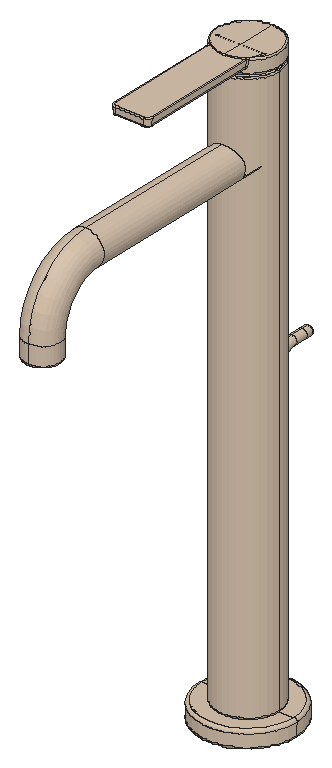
Revit family "Faucet-Lavatory-KALLISTA-One-P26612", category Plumbing Fixtures, host Face, Revit 2021
Family settings
  Host = Face
  Round Connector Dimension = Use Diameter
  Part Type = Normal
  OmniClass Number = 23.31.11.00
  OmniClass Title = Faucets
  Cut with Voids When Loaded = No
  Shared = No
  Room Calculation Point = No
Parameters (values of type "BAF-Brushed French Gold")
  Width = 2.23622"  # constant formula
  WaterSense Certified = 1 = 0  # no
  Waste Water Outlet = "Waste Water Outlet"  # constant formula
  Waste Connection = 1 = 0  # no
  Vent Connection = 1 = 0  # no
  URL = "https://www.kallista.com/"
  Type = 1
  Spout Reach = 5 7/8"  # constant formula
  Product Page URL = ""
  Product Name = "One"  # constant formula
  Product Documentation Link = ""
  Pressure = 0.00 psi
  Model = if(Type = 1, "P26612-00-BAF", if(Type = 2, "P26612-00-BL", if(Type = 3, "P26612-00-BN", if(Type = 4, "P26612-00-CP", if(Type = 5, "P26612-00-SN", if(Type = 6, "P26612-00-ULB", "NA"))))))  # "P26612-00-BAF"
  Material = "Premium Metal Construction"  # constant formula
  Master Format 2014 Name = "Residential Faucets, Supplies, and Trim"  # constant formula
  Master Format 2014 = "22 41 39"  # constant formula
  Manufacturer Address = "444 Highland Dr, Kohler, WI 53044"  # constant formula
  Manufacturer = "Kallista Co."  # constant formula
  Length = Spout Reach  # 5 7/8"
  Hot Water Inlet = "Hot Water Inlet"  # constant formula
  Height = 13.88976"  # constant formula
  Handle Clearance = 3.38583"  # constant formula
  HW Connection = 1 = 1  # yes
  Flow Rate = 1.2 GPM  # constant formula
  Finish = Kallista-Metal-BAF-Brushed_French_Gold
  Environmental Product Declaration = ""
  Drain Included = 1 = 1  # yes
  Description = "Extra Tall Top Mount Single Control Faucet"  # constant formula
  Default Elevation = 36"
  Declare Label = ""
  Date Modified = "08/06/2023"  # constant formula
  Date Created = "07/01/2022"  # constant formula
  Copyright = "Copyright Kallista Co."  # constant formula
  Contact Us = "https://www.kallista.com/corporate/contact-us/"
  Cold Water Inlet = "Cold Water Inlet"  # constant formula
  CW Connection = 1 = 1  # yes
  Assembly Code = "D2010"
  ADA Compliant = 1 = 0  # no
Types (7): name | Type | Model | Finish
  (no name) | 1 | "P26612-00-BAF" | Kallista-Metal-BAF-Brushed_French_Gold
  BAF-Brushed French Gold | 1 | "P26612-00-BAF" | Kallista-Metal-BAF-Brushed_French_Gold
  BN-Brushed Nickel | 3 | "P26612-00-BN" | Kallista-Metal-BN-Brushed_Nickel
  BL-Matte Black | 2 | "P26612-00-BL" | Kalista-Metal-BL-Matte_Black
  CP-Chrome | 4 | "P26612-00-CP" | Kallista-Metal-CP-Chrome
  SN-Polished Nickel | 5 | "P26612-00-SN" | Kallista-Metal-SN-Polished_Nickel
  ULB-Unlaquered Brass | 6 | "P26612-00-ULB" | Kallista-Metal-ULB-Unlaquered_Brass
Reference planes (in)
  plane 1 "Center (Front/Back)": y = 0
  plane 2: z = 0
  plane 3 "Center (Left/Right)": x = 0
  plane 4: x = 1.1181102
  plane 5: y = -1.1181102
  plane 6: x = -1.1181102
  plane 7: y = -5.8740157
  plane 8: y = -6.273622
  plane 9: y = -5.4744094
  plane 10: x = 0.7145669
  plane 11: x = -0.7145669
  plane 12: y = 1.7204724
  plane 13: y = 1.1181102
  plane 14: x = -0.3996063
  plane 15: x = 0.3996063
  plane 16: y = -3.3858268
  plane 17: y = -0.7145669
  plane 18: x = -0.1110036
  plane 19: x = 0.1110036
  plane 20: y = 0.7145669
  plane 21: z = 12.0551181
  plane 22: z = 9.9055118
  plane 23: z = 0.3740157
  plane 24: z = 13.7086614
  plane 25: z = 13.8897638
  plane 26: z = 7.2834646
  plane 27: x = -0.5905512
  plane 28: x = 0.5905512
  plane 29: y = 0
  plane 30: y = 0
Dimensions and locks (in)
  "Height": plane 25 to level
  "Width": plane 6 to plane 4
  "Handle Clearance": plane 1 "Center (Front/Back)" to plane 16
  "Length": nested 1 to plane 7
  level to plane 26 = 7.28346"
  plane 12 to nested 1 = 1.71949"
  plane 13 to plane 5 = 2.23622"
  plane 1 "Center (Front/Back)" to plane 8 = 6.27362"
  level to plane 22 = 9.90551"
  plane 9 to plane 8 = 0.79921"
  plane 21 to level = 12.05512"
  plane 20 to plane 17 = 1.42913"
  level to plane 23 = 0.37402"
  aligned and locked: plane 2 to host face
  aligned and locked: level to host face
  aligned and locked: plane 3 "Center (Left/Right)" to nested 1
  aligned and locked: plane 1 "Center (Front/Back)" to nested 1
  aligned and locked: plane 22 to nested 1
Automatic sketch dimensions
  host sketch curve to host sketch curve = 96"  (x2)
Nested families (in)
  nested 1: "P26612" at (0, 0.0009843, 0), type "P26612"
Connectors (in)
  piping at (-0.5905512, 0.0009843, 0), diameter 0.5625, driven by "Flow Rate", driven by "HW Connection", driven by "Hot Water Inlet"
    settings: on nested 1, index 1, connector inside diameter 24", connector length 0", flow factor 0, pipe flow 1.2 GPM, pressure drop 0.00 psi, fitting loss kfactor 0, connector angle 0.00°, fixture units 0, engagement length 0", angle of deflection 0.00°, flow configuration 1, flow direction 1, fitting loss method 0, system type 19, joint type 0, gender type 0, connector reference index -1, connector utility 1, adjustable connector no, is connector primary yes, connector description "Hot Water Inlet"
  piping at (0.5905512, 0.0009843, 0), diameter 0.5625, driven by "Flow Rate", driven by "CW Connection", driven by "Cold Water Inlet"
    settings: on nested 1, index 2, connector inside diameter 24", connector length 0", flow factor 0, pipe flow 1.2 GPM, pressure drop 0.00 psi, fitting loss kfactor 0, connector angle 0.00°, fixture units 0, engagement length 0", angle of deflection 0.00°, flow configuration 1, flow direction 1, fitting loss method 0, system type 20, joint type 0, gender type 0, connector reference index -1, connector utility 1, adjustable connector no, is connector primary no, connector description "Cold Water Inlet"
Definition of nested family "P26612"
  Parameters
    Material = none
    Default Elevation = 0"
  Reference planes (in)
    plane 1 "Center (Front/Back)": y = 0
    plane 2: z = 0
    plane 3 "Center (Left/Right)": x = 0
    plane 4: z = 13.8897638
    plane 5: y = 1.7204724
    plane 6: z = 7.2834646
    plane 7: y = -0.7145669
    plane 8: y = 0.7145669
    plane 9: y = -3.3858268
    plane 10: y = 1.1181102
    plane 11: y = -1.1181102
    plane 12: z = 13.7086614
    plane 13: z = 0.3740157
    plane 14: y = -5.8740157
    plane 15: y = -5.4744094
    plane 16: y = -6.273622
    plane 17: z = 12.0551181
    plane 18: z = 11.6555118
    plane 19: z = 11.2559055
    plane 20: z = 9.9055118
    plane 21: x = 0.7145669
    plane 22: x = -0.7145669
    plane 23: x = 0.3996063
    plane 24: x = -0.3996063
    plane 25: x = -1.1181102
    plane 26: x = 1.1181102
    plane 27: x = -0.1110036
    plane 28: x = 0.1110036
    plane 29: x = -0.5905512
    plane 30: x = 0.5905512
  Forms (in)
    Sweep 1, solid, material <- "Material", detail levels medium+fine
      path origin (0, 0, 7.8074264) x (1, 0, 0) y (0, 1, 0)
        loop
          line (0.4376136, -3.2677165) -> (0.4376136, -0.6109452)
          arc (0.4376136, -0.6109452) -> (0.441065, -0.5714946) -> (0.4513146, -0.5332428) r 0.2271866
          line (0.4513146, -0.5332428) -> (0.5722672, -0.2009283) -> (-0.5722672, -0.2009283) -> (-0.4613566, -0.5056525)
          arc (-0.4613566, -0.5056525) -> (-0.4435948, -0.5719407) -> (-0.4376136, -0.6403061) r 0.3937008
          line (-0.4376136, -0.6403061) -> (-0.4376136, -3.2677165)
          arc (-0.4376136, -3.2677165) -> (-0.4030199, -3.3512331) -> (-0.3195033, -3.3858268) r 0.1181102
          line (-0.3195033, -3.3858268) -> (0.3195033, -3.3858268)
          arc (0.3195033, -3.3858268) -> (0.4030199, -3.3512331) -> (0.4376136, -3.2677165) r 0.1181102
      profile origin (0, -3.3858268, 7.8074264) x (0, 1, 0) y (0, 0, 1)
        loop
          arc (0.0130449, 5.9134671) -> (0.0199871, 5.8993897) -> (0.034616, 5.8937008) r 0.0216535
          line (0.034616, 5.8937008) -> (0.0662534, 5.8937008) -> (0.0662534, 6.0828617) -> (0.0197072, 6.0828617)
          arc (0.0197072, 6.0828617) -> (0.0051939, 6.0764757) -> (0.0000971, 6.061461) r 0.019685
          line (0.0000971, 6.061461) -> (0.0130449, 5.9134671)
    Extrusion 2, solid, material <- "Material", detail levels medium+fine
      sketch origin (0, 0, 7.8074264) x (1, 0, 0) y (0, 1, 0)
        loop
          line (0.4776475, -0.2671817) -> (-0.4776475, -0.2671817) -> (-0.3990988, -0.4829925)
          arc (-0.3990988, -0.4829925) -> (-0.3783479, -0.5604359) -> (-0.3713602, -0.6403061) r 0.4599542
          line (-0.3713602, -0.6403061) -> (-0.3713602, -3.3195734) -> (0.3713602, -3.3195734) -> (0.3713602, -0.6109452)
          arc (0.3713602, -0.6109452) -> (0.3758182, -0.5599898) -> (0.3890568, -0.5105828) r 0.29344
          line (0.3890568, -0.5105828) -> (0.4776475, -0.2671817)
      from 5.8937008 to 6.0826772
    Revolve 3, solid, material <- "Material", detail levels medium+fine
      sketch origin (0, 0, 0) x (1, 0, 0) y (0, 0, 1)
        loop
          line (0, 13.5728679) -> (-0.5072793, 13.5728679) -> (-0.6173719, 13.5118425)
          arc (-0.6173719, 13.5118425) -> (-0.6375868, 13.5037776) -> (-0.6591771, 13.5010309) r 0.0862302
          line (-0.6591771, 13.5010309) -> (-0.6948679, 13.5010309)
          arc (-0.6948679, 13.5010309) -> (-0.7087972, 13.4952612) -> (-0.7145669, 13.4813319) r 0.019699
          line (-0.7145669, 13.4813319) -> (-0.7145669, 0.3944382)
          arc (-0.7145669, 0.3944382) -> (-0.7085853, 0.3799973) -> (-0.6941445, 0.3740157) r 0.0204224
          line (-0.6941445, 0.3740157) -> (-1.0477904, 0.3740157)
          arc (-1.0477904, 0.3740157) -> (-1.1002979, 0.3522664) -> (-1.1220472, 0.2997589) r 0.0742568
          line (-1.1220472, 0.2997589) -> (-1.1220472, 0.019685)
          arc (-1.1220472, 0.019685) -> (-1.1162816, 0.0057656) -> (-1.1023622, 0) r 0.019685
          line (-1.1023622, 0) -> (0, 0) -> (0, 13.5728679)
        axis (0, 0) -> (0, 13.5728679)
      angle from 0 to 360
    Sweep 4, solid, material <- "Material", detail levels medium+fine
      path origin (0, 0, 7.8740157) x (0, 1, 0) y (0, 0, 1)
        loop
          line (0, 3.7814961) -> (-4.6262019, 3.7814961)
          arc (-4.6262019, 3.7814961) -> (-5.5085395, 3.4160199) -> (-5.8740157, 2.5336822) r 1.2478138
          line (-5.8740157, 2.5336822) -> (-5.8740157, 2.0314961)
      profile origin (0, -5.8740157, 10.407698) x (1, 0, 0) y (0, 1, 0)
        loop
          circle (0, 0) r 0.3996063
    Revolve 5, void
      sketch origin (0, -0.8740157, 7.8740157) x (0, 1, 0) y (0, 0, 1)
        loop
          line (-4.6326328, 2.0247619) -> (-4.6326328, 2.6170035) -> (-5, 2.6170035) -> (-5, 2.0247619) -> (-4.6326328, 2.0247619)
        axis (-5, 2.6170035) -> (-5, 2.0247619)
      angle from 0 to 360
    Sweep 6, void
      path origin (0, -0.8740157, 0) x (1, 0, 0) y (0, 1, 0)
        loop
          circle (0, -5) r 0.3996063
      profile origin (0, -5.4744094, 0) x (0, -1, 0) y (0, 0, 1)
        loop
          line (0, 9.992126) -> (0, 10.1259333) -> (-0.1155022, 10.1259333) -> (-0.1155022, 9.9101147) -> (0.1269191, 9.9101147) -> (0.1269191, 9.9724409) -> (0.019685, 9.9724409)
          arc (0.019685, 9.9724409) -> (0.0057656, 9.9782066) -> (0, 9.992126) r 0.019685
    Sweep 7, solid, material <- "Material"
      path origin (0, 0, 4.5219272) x (0, 1, 0) y (0, 0, 1)
        loop
          line (1.5443209, 2.6659973) -> (1.2467328, 2.6659973)
          arc (1.2467328, 2.6659973) -> (1.0209153, 2.5947973) -> (0.876775, 2.4069501) r 0.3937008
          line (0.876775, 2.4069501) -> (0.6007343, 1.6485343)
      profile origin (0, 1.5443209, 7.1879244) x (0, 0, -1) y (1, 0, 0)
        loop
          circle (0, 0) r 0.107137
    Sweep 8, void
      path origin (0, 0, 4.5214075) x (0, 1, 0) y (0, 0, 1)
        loop
          line (0.876775, 2.4069501) -> (0.5230165, 1.4350065)
      profile origin (0, 0.876775, 6.9283576) x (0, 0.939693, -0.34202) y (1, 0, 0)
        loop
          circle (0, 0) r 0.1181102
    Revolve 9, solid, material <- "Material"
      sketch origin (0, 0, 4.5219272) x (0, 1, 0) y (0, 0, 1)
        loop
          line (1.5443209, 2.6659973) -> (1.5443209, 2.5588603) -> (1.6996751, 2.5588603)
          arc (1.6996751, 2.5588603) -> (1.715325, 2.5653427) -> (1.7218074, 2.5809926) r 0.0221324
          line (1.7218074, 2.5809926) -> (1.7218074, 2.6659973) -> (1.5443209, 2.6659973)
        axis (1.7218074, 2.6659973) -> (1.5443209, 2.6659973)
      angle from 0 to 360
    Revolve 10, solid, detail levels medium+fine
      sketch origin (3.3587598, -5.8740157, -2.8443594) x (1, 0, 0) y (0, 0, 1)
        loop
          line (-3.3610043, 12.9577553) -> (-3.7239554, 12.9577553) -> (-3.7239554, 12.8483274) -> (-3.6796732, 12.8483274) -> (-3.6796732, 12.9249326) -> (-3.6421458, 12.9249326) -> (-3.6421458, 12.8793394)
          arc (-3.6421458, 12.8793394) -> (-3.636348, 12.8653421) -> (-3.6223506, 12.8595442) r 0.0197952
          line (-3.6223506, 12.8595442) -> (-3.3610043, 12.8595442) -> (-3.3610043, 12.9577553)
        axis (-3.3610043, 12.9577553) -> (-3.3610043, 12.8483274)
      angle from 0 to 360
    Extrusion 11, solid, detail levels medium+fine
      sketch origin (3.3587598, -5.8740157, -2.8443594) x (1, 0, 0) y (0, 1, 0)
        loop
          arc (-3.3543247, -0.3185989) -> (-3.4113438, -0.3146678) -> (-3.4667435, -0.3006146) r 0.318669
          line (-3.4667435, -0.3006146) -> (-3.4826532, -0.3458455)
          arc (-3.4826532, -0.3458455) -> (-3.4194482, -0.3623198) -> (-3.3543247, -0.3673405) r 0.3673672
          line (-3.3543247, -0.3673405) -> (-3.3543247, -0.3185989)
      from 12.8284941 to 12.9577553
    Extrusion 12, solid, detail levels medium+fine
      sketch origin (2.3701475, -3.4898426, -2.8443594) x (0.707107, 0.707107, 0) y (-0.707107, 0.707107, 0)
        loop
          arc (-3.3543247, -0.3268703) -> (-3.412805, -0.3231463) -> (-3.4696147, -0.3087773) r 0.318669
          line (-3.4696147, -0.3087773) -> (-3.4860928, -0.3556242)
          arc (-3.4860928, -0.3556242) -> (-3.4211976, -0.3724532) -> (-3.3543247, -0.3772085) r 0.3673672
          line (-3.3543247, -0.3772085) -> (-3.3543247, -0.3268703)
      from 12.8284941 to 12.9577553
    Extrusion 13, solid, detail levels medium+fine
      sketch origin (-0.007874, -2.5104577, -2.8443594) x (0, 1, 0) y (-1, 0, 0)
        loop
          arc (-3.3543247, -0.3241647) -> (-3.4123685, -0.3205382) -> (-3.4687867, -0.3064233) r 0.318669
          line (-3.4687867, -0.3064233) -> (-3.4856482, -0.3543602)
          arc (-3.4856482, -0.3543602) -> (-3.4209337, -0.3707331) -> (-3.3543247, -0.3751252) r 0.3673672
          line (-3.3543247, -0.3751252) -> (-3.3543247, -0.3241647)
      from 12.8284941 to 12.9577553
    Extrusion 14, solid, detail levels medium+fine
      sketch origin (-2.3858956, -3.5021458, -2.8443594) x (-0.707107, 0.707107, 0) y (-0.707107, -0.707107, 0)
        loop
          arc (-3.3543247, -0.3268904) -> (-3.4127754, -0.3230343) -> (-3.4695328, -0.3085444) r 0.318669
          line (-3.4695328, -0.3085444) -> (-3.4863639, -0.3563948)
          arc (-3.4863639, -0.3563948) -> (-3.4212962, -0.3728283) -> (-3.3543247, -0.3771508) r 0.3673672
          line (-3.3543247, -0.3771508) -> (-3.3543247, -0.3268904)
      from 12.8284941 to 12.9577553
    Extrusion 15, solid, detail levels medium+fine
      sketch origin (-3.3622047, -5.8863189, -2.8443594) x (-1, 0, 0) y (0, -1, 0)
        loop
          arc (-3.3543247, -0.3309223) -> (-3.4133149, -0.3264738) -> (-3.4704663, -0.3111983) r 0.318669
          line (-3.4704663, -0.3111983) -> (-3.4868817, -0.357867)
          arc (-3.4868817, -0.357867) -> (-3.4216043, -0.3748364) -> (-3.3543247, -0.3795859) r 0.3673672
          line (-3.3543247, -0.3795859) -> (-3.3543247, -0.3309223)
      from 12.8284941 to 12.9577553
    Extrusion 16, solid, detail levels medium+fine
      sketch origin (-2.3735924, -8.2581889, -2.8443594) x (-0.707107, -0.707107, 0) y (0.707107, -0.707107, 0)
        loop
          line (-3.3543247, -0.3736567) -> (-3.3543247, -0.3276286)
          arc (-3.3543247, -0.3276286) -> (-3.4128964, -0.3237532) -> (-3.4697635, -0.3092004) r 0.318669
          line (-3.4697635, -0.3092004) -> (-3.4850091, -0.3525433)
          arc (-3.4850091, -0.3525433) -> (-3.4206092, -0.3689325) -> (-3.3543247, -0.3736567) r 0.3737164
      from 12.8284941 to 12.9577553
    Extrusion 17, solid, detail levels medium+fine
      sketch origin (-0.0017224, -9.234498, -2.8443594) x (0, -1, 0) y (1, 0, 0)
        loop
          arc (-3.3543247, -0.3185989) -> (-3.4113438, -0.3146678) -> (-3.4667435, -0.3006146) r 0.318669
          line (-3.4667435, -0.3006146) -> (-3.4815427, -0.3426885)
          arc (-3.4815427, -0.3426885) -> (-3.4188614, -0.3587474) -> (-3.3543247, -0.3634209) r 0.3629511
          line (-3.3543247, -0.3634209) -> (-3.3543247, -0.3185989)
      from 12.8284941 to 12.9577553
    Extrusion 18, solid, detail levels medium+fine
      sketch origin (2.3762991, -8.2520373, -2.8443594) x (0.707107, -0.707107, 0) y (0.707107, 0.707107, 0)
        loop
          arc (-3.3543247, -0.3185989) -> (-3.4113438, -0.3146678) -> (-3.4667435, -0.3006146) r 0.318669
          line (-3.4667435, -0.3006146) -> (-3.4818142, -0.3434602)
          arc (-3.4818142, -0.3434602) -> (-3.4189538, -0.3590434) -> (-3.3543247, -0.3632068) r 0.3629511
          line (-3.3543247, -0.3632068) -> (-3.3543247, -0.3185989)
      from 12.8284941 to 12.9577553
    Extrusion 19, void
      sketch origin (3.3587598, -5.8740157, -2.8443594) x (1, 0, 0) y (0, 1, 0)
        loop
          line (-3.3901452, -0.0206775) -> (-3.3543307, -0.0413551) -> (-3.3185162, -0.0206775) -> (-3.3185162, 0.0206775) -> (-3.3543307, 0.0413551) -> (-3.3901452, 0.0206775) -> (-3.3901452, -0.0206775)
      from 12.4995033 to 12.9438443
    Extrusion 20, void
      sketch origin (3.3587598, -5.9699204, -2.8443594) x (1, 0, 0) y (0, 1, 0)
        loop
          line (-3.3901452, -0.0206775) -> (-3.3543307, -0.0413551) -> (-3.3185162, -0.0206775) -> (-3.3185162, 0.0206775) -> (-3.3543307, 0.0413551) -> (-3.3901452, 0.0206775) -> (-3.3901452, -0.0206775)
      from 12.4995033 to 12.9438443
    Extrusion 21, void
      sketch origin (3.3587598, -6.0738735, -2.8443594) x (1, 0, 0) y (0, 1, 0)
        loop
          line (-3.3901452, -0.0206775) -> (-3.3543307, -0.0413551) -> (-3.3185162, -0.0206775) -> (-3.3185162, 0.0206775) -> (-3.3543307, 0.0413551) -> (-3.3901452, 0.0206775) -> (-3.3901452, -0.0206775)
      from 12.4995033 to 12.9438443
    Extrusion 22, void
      sketch origin (3.3587598, -5.7781111, -2.8443594) x (1, 0, 0) y (0, 1, 0)
        loop
          line (-3.3901452, 0.0206775) -> (-3.3901452, -0.0206775) -> (-3.3543307, -0.0413551) -> (-3.3185162, -0.0206775) -> (-3.3185162, 0.0206775) -> (-3.3543307, 0.0413551) -> (-3.3901452, 0.0206775)
      from 12.4995033 to 12.9438443
    Extrusion 23, void
      sketch origin (3.3587598, -5.674158, -2.8443594) x (1, 0, 0) y (0, 1, 0)
        loop
          line (-3.3901452, 0.0206775) -> (-3.3901452, -0.0206775) -> (-3.3543307, -0.0413551) -> (-3.3185162, -0.0206775) -> (-3.3185162, 0.0206775) -> (-3.3543307, 0.0413551) -> (-3.3901452, 0.0206775)
      from 12.4995033 to 12.9438443
    Extrusion 24, void
      sketch origin (3.4620273, -5.8740157, -2.8443594) x (1, 0, 0) y (0, 1, 0)
        loop
          line (-3.3901452, -0.0206775) -> (-3.3543307, -0.0413551) -> (-3.3185162, -0.0206775) -> (-3.3185162, 0.0206775) -> (-3.3543307, 0.0413551) -> (-3.3901452, 0.0206775) -> (-3.3901452, -0.0206775)
      from 12.4995033 to 12.9438443
    Extrusion 25, void
      sketch origin (3.4620273, -5.9699204, -2.8443594) x (1, 0, 0) y (0, 1, 0)
        loop
          line (-3.3901452, -0.0206775) -> (-3.3543307, -0.0413551) -> (-3.3185162, -0.0206775) -> (-3.3185162, 0.0206775) -> (-3.3543307, 0.0413551) -> (-3.3901452, 0.0206775) -> (-3.3901452, -0.0206775)
      from 12.4995033 to 12.9438443
    Extrusion 26, void
      sketch origin (3.4620273, -5.7781111, -2.8443594) x (1, 0, 0) y (0, 1, 0)
        loop
          line (-3.3901452, 0.0206775) -> (-3.3901452, -0.0206775) -> (-3.3543307, -0.0413551) -> (-3.3185162, -0.0206775) -> (-3.3185162, 0.0206775) -> (-3.3543307, 0.0413551) -> (-3.3901452, 0.0206775)
      from 12.4995033 to 12.9438443
    Extrusion 27, void
      sketch origin (3.5590687, -5.8740157, -2.8443594) x (1, 0, 0) y (0, 1, 0)
        loop
          line (-3.3901452, -0.0206775) -> (-3.3543307, -0.0413551) -> (-3.3185162, -0.0206775) -> (-3.3185162, 0.0206775) -> (-3.3543307, 0.0413551) -> (-3.3901452, 0.0206775) -> (-3.3901452, -0.0206775)
      from 12.4995033 to 12.9438443
    Extrusion 28, void
      sketch origin (-3.4593206, -5.8770915, -2.8443594) x (-1, 0, 0) y (0, -1, 0)
        loop
          line (-3.3901452, 0.0206775) -> (-3.3901452, -0.0206775) -> (-3.3543307, -0.0413551) -> (-3.3185162, -0.0206775) -> (-3.3185162, 0.0206775) -> (-3.3543307, 0.0413551) -> (-3.3901452, 0.0206775)
      from 12.4995033 to 12.9438443
    Extrusion 29, void
      sketch origin (-3.4593206, -5.9668446, -2.8443594) x (-1, 0, 0) y (0, -1, 0)
        loop
          line (-3.3901452, 0.0206775) -> (-3.3901452, -0.0206775) -> (-3.3543307, -0.0413551) -> (-3.3185162, -0.0206775) -> (-3.3185162, 0.0206775) -> (-3.3543307, 0.0413551) -> (-3.3901452, 0.0206775)
      from 12.4995033 to 12.9438443
    Extrusion 30, void
      sketch origin (-3.4470174, -5.7904142, -2.8443594) x (-1, 0, 0) y (0, -1, 0)
        loop
          line (-3.3901452, -0.0206775) -> (-3.3543307, -0.0413551) -> (-3.3185162, -0.0206775) -> (-3.3185162, 0.0206775) -> (-3.3543307, 0.0413551) -> (-3.3901452, 0.0206775) -> (-3.3901452, -0.0206775)
      from 12.4995033 to 12.9438443
    Extrusion 31, void
      sketch origin (-3.5502104, -5.8740157, -2.8443594) x (-1, 0, 0) y (0, -1, 0)
        loop
          line (-3.3901452, 0.0206775) -> (-3.3901452, -0.0206775) -> (-3.3543307, -0.0413551) -> (-3.3185162, -0.0206775) -> (-3.3185162, 0.0206775) -> (-3.3543307, 0.0413551) -> (-3.3901452, 0.0206775)
      from 12.4995033 to 12.9438443
    Extrusion 32, void
      sketch origin (-3.4593206, -6.0526305, -2.8443594) x (-1, 0, 0) y (0, -1, 0)
        loop
          line (-3.3852505, 0.0154432) -> (-3.3852505, -0.0155163) -> (-3.3528805, -0.0342051) -> (-3.3229997, -0.0169535) -> (-3.3229997, 0.018779) -> (-3.3512363, 0.0350814) -> (-3.3852505, 0.0154432)
      from 12.4995033 to 12.9438443
    Extrusion 33, void
      sketch origin (-3.4593206, -5.7015525, -2.8443594) x (-1, 0, 0) y (0, -1, 0)
        loop
          line (-3.3901452, -0.0206775) -> (-3.3543307, -0.0413551) -> (-3.3185162, -0.0206775) -> (-3.3185162, 0.0206775) -> (-3.3543307, 0.0413551) -> (-3.3901452, 0.0206775) -> (-3.3901452, -0.0206775)
      from 12.4995033 to 12.9438443
    Extrusion 34, void
      sketch origin (3.4620273, -6.0526305, -2.8443594) x (1, 0, 0) y (0, 1, 0)
        loop
          line (-3.3852505, -0.0154432) -> (-3.3512363, -0.0350814) -> (-3.3229997, -0.018779) -> (-3.3229997, 0.0169535) -> (-3.3528805, 0.0342051) -> (-3.3852505, 0.0155163) -> (-3.3852505, -0.0154432)
      from 12.4995033 to 12.9438443
    Extrusion 35, void
      sketch origin (3.4620273, -5.6892494, -2.8443594) x (1, 0, 0) y (0, 1, 0)
        loop
          line (-3.3852505, 0.0154432) -> (-3.3852505, -0.0155163) -> (-3.3528805, -0.0342051) -> (-3.3229997, -0.0169535) -> (-3.3229997, 0.018779) -> (-3.3512363, 0.0350814) -> (-3.3852505, 0.0154432)
      from 12.4995033 to 12.9438443
    Extrusion 36, void
      sketch origin (-3.5309497, -5.7904142, -2.8443594) x (-1, 0, 0) y (0, -1, 0)
        loop
          line (-3.3819131, -0.0254303) -> (-3.3543307, -0.0413551) -> (-3.3185162, -0.0206775) -> (-3.3185162, 0.0206775) -> (-3.3543307, 0.0413551) -> (-3.3819131, 0.0254303) -> (-3.3819131, -0.0254303)
      from 12.4995033 to 12.9438443
    Extrusion 37, void
      sketch origin (-3.1750051, -5.7904142, -2.8443594) x (-1, 0, 0) y (0, -1, 0)
        loop
          line (-3.3894634, -0.0210712) -> (-3.3543307, -0.0413551) -> (-3.3265927, -0.0253405) -> (-3.3265927, 0.0253405) -> (-3.3543307, 0.0413551) -> (-3.3894634, 0.0210712) -> (-3.3894634, -0.0210712)
      from 12.4995033 to 12.9438443
    Extrusion 38, void
      sketch origin (-3.5309497, -5.9576173, -2.8443594) x (-1, 0, 0) y (0, -1, 0)
        loop
          line (-3.3819131, 0.0254303) -> (-3.3819131, -0.0254303) -> (-3.3543307, -0.0413551) -> (-3.3185162, -0.0206775) -> (-3.3185162, 0.0206775) -> (-3.3543307, 0.0413551) -> (-3.3819131, 0.0254303)
      from 12.4995033 to 12.9438443
    Extrusion 39, void
      sketch origin (-3.1750051, -5.9576173, -2.8443594) x (-1, 0, 0) y (0, -1, 0)
        loop
          line (-3.3894634, 0.0210712) -> (-3.3894634, -0.0210712) -> (-3.3543307, -0.0413551) -> (-3.3265927, -0.0253405) -> (-3.3265927, 0.0253405) -> (-3.3543307, 0.0413551) -> (-3.3894634, 0.0210712)
      from 12.4995033 to 12.9438443
    Revolve 40, solid, detail levels coarse
      sketch origin (3.3587598, -5.8740157, -2.8197531) x (1, 0, 0) y (0, 0, 1)
        loop
          line (-3.3610043, 12.9332823) -> (-3.7239554, 12.9332823) -> (-3.7239554, 12.8483274) -> (-3.6796732, 12.8483274) -> (-3.6796732, 12.9249326) -> (-3.6421458, 12.9249326) -> (-3.6421458, 12.8477976) -> (-3.3610043, 12.8477976) -> (-3.3610043, 12.9332823)
        axis (-3.3610043, 12.9332823) -> (-3.3610043, 12.8477976)
      angle from 0 to 360
    Extrusion 41, solid, material <- "Material", detail levels medium+fine
      sketch origin (0, 0, 0) x (1, 0, 0) y (0, 1, 0)
        loop
          circle (-0.5905512, 0) r 0.0787402
        loop
          circle (0.5905512, 0) r 0.0787402
      from 0 to 0.139494
    Revolve 42, solid, material <- "Material", detail levels coarse
      sketch origin (0, 0, 0) x (0, 1, 0) y (0, 0, 1)
        loop
          line (0, 0) -> (1.1233536, 0) -> (1.1233536, 0.3740157) -> (0.7145669, 0.3740157) -> (0.7145669, 13.5092113) -> (0.6501269, 13.5092113) -> (0.5072793, 13.5758223) -> (0, 13.5758223) -> (0, 0)
        axis (0, 13.5758223) -> (0, 0)
      angle from 0 to 360
    Sweep 43, solid, material <- "Material", detail levels coarse
      path origin (0, 0, 7.7185039) x (0, 1, 0) y (0, 0, 1)
        loop
          line (0, 3.9370079) -> (-4.6262019, 3.9370079)
          arc (-4.6262019, 3.9370079) -> (-5.5085395, 3.5715317) -> (-5.8740157, 2.689194) r 1.2478138
          line (-5.8740157, 2.689194) -> (-5.8740157, 2.1870079)
      profile origin (0, -5.8740157, 10.407698) x (1, 0, 0) y (0, 1, 0)
        loop
          circle (0, 0) r 0.3996063
    Extrusion 44, solid, material <- "Material", detail levels coarse
      sketch origin (0, 0, 7.8070866) x (1, 0, 0) y (0, 1, 0)
        loop
          line (0.4376136, -3.2677165) -> (0.4376136, -0.6022582)
          arc (0.4376136, -0.6022582) -> (0.4448152, -0.5693606) -> (0.4651027, -0.5424807) r 0.0787402
          arc (0.4651027, -0.5424807) -> (0, 0.7145669) -> (-0.4651027, -0.5424807) r 0.7145669
          arc (-0.4651027, -0.5424807) -> (-0.4448152, -0.5693606) -> (-0.4376136, -0.6022582) r 0.0787402
          line (-0.4376136, -0.6022582) -> (-0.4376136, -3.2677165)
          arc (-0.4376136, -3.2677165) -> (-0.4030199, -3.3512331) -> (-0.3195033, -3.3858268) r 0.1181102
          line (-0.3195033, -3.3858268) -> (0.3195033, -3.3858268)
          arc (0.3195033, -3.3858268) -> (0.4030199, -3.3512331) -> (0.4376136, -3.2677165) r 0.1181102
      from 5.8937008 to 6.0826772
    Extrusion 45, solid, material <- "Material", detail levels coarse
      sketch origin (0, 0, 7.8070866) x (1, 0, 0) y (0, 1, 0)
        loop
          circle (0, 0) r 0.7145669
      from 5.7687357 to 5.8937008
    Revolve 46, solid, material <- "Material", detail levels medium+fine
      sketch origin (0, 0, 4.6501307) x (0, 1, 0) y (0, 0, 1)
        loop
          line (0, 8.9227843) -> (0.6929134, 8.9227843)
          arc (0.6929134, 8.9227843) -> (0.7082248, 8.9291265) -> (0.7145669, 8.9444378) r 0.0216535
          line (0.7145669, 8.9444378) -> (0.7145669, 9.2145669)
          arc (0.7145669, 9.2145669) -> (0.7070716, 9.2326622) -> (0.6889764, 9.2401575) r 0.0255906
          line (0.6889764, 9.2401575) -> (0, 9.2401575) -> (0, 8.9227843)
        axis (0, 8.9227843) -> (0, 9.2401575)
      angle from 0 to 360
  Cuts and joins
    joined: Sweep 1, Extrusion 2
    joined: Sweep 7, Revolve 9
    Extrusion 19, Extrusion 20, Extrusion 21, Extrusion 22, Extrusion 23, Extrusion 24, Extrusion 25, Extrusion 26, Extrusion 27, Extrusion 28, Extrusion 29, Extrusion 30, Extrusion 31, Extrusion 32, Extrusion 33, Extrusion 34, Extrusion 35, Extrusion 36, Extrusion 37, Extrusion 38, Extrusion 39 cuts Revolve 10
    joined: Revolve 42, Extrusion 44, Extrusion 45
    Sweep 8 cuts Revolve 3
    Revolve 5, Sweep 6 cuts Sweep 4
    Revolve 5 cuts Sweep 43
  Lines and regions (in)
    Masking region 1
      outline origin (0, 0, 0) x (1, 0, 0) y (0, 1, 0)
        loop
          arc (1.1220472, 0.0393701) -> (0.8299853, 0.7800453) -> (0.1110036, 1.1220472) r 1.0852148
          line (0.1110036, 1.1220472) -> (0.1110036, 1.6988189)
          arc (0.1110036, 1.6988189) -> (0.1046614, 1.7141303) -> (0.0893501, 1.7204724) r 0.0216535
          line (0.0893501, 1.7204724) -> (-0.0893501, 1.7204724)
          arc (-0.0893501, 1.7204724) -> (-0.1046614, 1.7141303) -> (-0.1110036, 1.6988189) r 0.0216535
          line (-0.1110036, 1.6988189) -> (-0.1110036, 1.1220472)
          arc (-0.1110036, 1.1220472) -> (-0.8299853, 0.7800453) -> (-1.1220472, 0.0393701) r 1.0852148
          line (-1.1220472, 0.0393701) -> (-1.1220472, -0.0393701)
          arc (-1.1220472, -0.0393701) -> (-0.9335379, -0.6415642) -> (-0.4353053, -1.0287824) r 1.0561108
          line (-0.4353053, -1.0287824) -> (-0.4353053, -3.3478228)
          arc (-0.4353053, -3.3478228) -> (-0.4250128, -3.3743989) -> (-0.3996063, -3.3873116) r 0.0398648
          line (-0.3996063, -3.3873116) -> (-0.3996063, -5.8740157)
          arc (-0.3996063, -5.8740157) -> (-0.290151, -6.149031) -> (-0.0216535, -6.273622) r 0.4002266
          line (-0.0216535, -6.273622) -> (0.015502, -6.273622)
          arc (0.015502, -6.273622) -> (0.2880099, -6.1511535) -> (0.3996063, -5.8740157) r 0.3999191
          line (0.3996063, -5.8740157) -> (0.3996063, -3.3873116)
          arc (0.3996063, -3.3873116) -> (0.4250128, -3.3743989) -> (0.4353053, -3.3478228) r 0.0398648
          line (0.4353053, -3.3478228) -> (0.4353053, -1.0287824)
          arc (0.4353053, -1.0287824) -> (0.9335379, -0.6415642) -> (1.1220472, -0.0393701) r 1.0561108
          line (1.1220472, -0.0393701) -> (1.1220472, 0.0393701)
    Masking region 2
      outline origin (0, 0, 0) x (1, 0, 0) y (0, 0, 1)
        loop
          arc (-0.6929134, 13.8897638) -> (-0.7082248, 13.8834216) -> (-0.7145669, 13.8681102) r 0.0216535
          line (-0.7145669, 13.8681102) -> (-0.7145669, 13.5960755)
          arc (-0.7145669, 13.5960755) -> (-0.7088013, 13.5821561) -> (-0.6948819, 13.5763905) r 0.019685
          line (-0.6948819, 13.5763905) -> (-0.507632, 13.5763905) -> (-0.6615175, 13.5046325) -> (-0.6929134, 13.5046325)
          arc (-0.6929134, 13.5046325) -> (-0.7082248, 13.4982903) -> (-0.7145669, 13.482979) r 0.0216535
          line (-0.7145669, 13.482979) -> (-0.7145669, 0.3937008)
          arc (-0.7145669, 0.3937008) -> (-0.7088013, 0.3797814) -> (-0.6948819, 0.3740157) r 0.019685
          line (-0.6948819, 0.3740157) -> (-1.0393701, 0.3740157)
          arc (-1.0393701, 0.3740157) -> (-1.0950478, 0.3509533) -> (-1.1181102, 0.2952756) r 0.0787402
          line (-1.1181102, 0.2952756) -> (-1.1181102, 0.0216535)
          arc (-1.1181102, 0.0216535) -> (-1.1117681, 0.0063422) -> (-1.0964567, 0) r 0.0216535
          line (-1.0964567, 0) -> (1.0964567, 0)
          arc (1.0964567, 0) -> (1.1117681, 0.0063422) -> (1.1181102, 0.0216535) r 0.0216535
          line (1.1181102, 0.0216535) -> (1.1181102, 0.2952756)
          arc (1.1181102, 0.2952756) -> (1.0950478, 0.3509533) -> (1.0393701, 0.3740157) r 0.0787402
          line (1.0393701, 0.3740157) -> (0.6948819, 0.3740157)
          arc (0.6948819, 0.3740157) -> (0.7088013, 0.3797814) -> (0.7145669, 0.3937008) r 0.019685
          line (0.7145669, 0.3937008) -> (0.7145669, 13.482979)
          arc (0.7145669, 13.482979) -> (0.7082248, 13.4982903) -> (0.6929134, 13.5046325) r 0.0216535
          line (0.6929134, 13.5046325) -> (0.6615175, 13.5046325) -> (0.507632, 13.5763905) -> (0.6948819, 13.5763905)
          arc (0.6948819, 13.5763905) -> (0.7088013, 13.5821561) -> (0.7145669, 13.5960755) r 0.019685
          line (0.7145669, 13.5960755) -> (0.7145669, 13.8681102)
          arc (0.7145669, 13.8681102) -> (0.7082248, 13.8834216) -> (0.6929134, 13.8897638) r 0.0216535
          line (0.6929134, 13.8897638) -> (-0.6929134, 13.8897638)
    Masking region 3
      outline origin (0, 0, 0) x (0, 1, 0) y (0, 0, 1)
        loop
          line (-0.8649358, 12.0551181) -> (-4.6988189, 12.0551181)
          arc (-4.6988189, 12.0551181) -> (-5.8123729, 11.5938689) -> (-6.273622, 10.480315) r 1.5748031
          line (-6.273622, 10.480315) -> (-6.273622, 9.9271654)
          arc (-6.273622, 9.9271654) -> (-6.2672799, 9.911854) -> (-6.2519685, 9.9055118) r 0.0216535
          line (-6.2519685, 9.9055118) -> (-5.496063, 9.9055118)
          arc (-5.496063, 9.9055118) -> (-5.4807516, 9.911854) -> (-5.4744094, 9.9271654) r 0.0216535
          line (-5.4744094, 9.9271654) -> (-5.4744094, 10.4685039)
          arc (-5.4744094, 10.4685039) -> (-5.2437849, 11.0252809) -> (-4.6870079, 11.2559055) r 0.7874016
          line (-4.6870079, 11.2559055) -> (-0.8564793, 11.2559055)
          arc (-0.8564793, 11.2559055) -> (-0.7561321, 11.2143404) -> (-0.7145669, 11.1139932) r 0.1419123
          line (-0.7145669, 11.1139932) -> (-0.7145669, 0.3956693)
          arc (-0.7145669, 0.3956693) -> (-0.7082248, 0.3803579) -> (-0.6929134, 0.3740157) r 0.0216535
          line (-0.6929134, 0.3740157) -> (-1.0393701, 0.3740157)
          arc (-1.0393701, 0.3740157) -> (-1.0950478, 0.3509533) -> (-1.1181102, 0.2952756) r 0.0787402
          line (-1.1181102, 0.2952756) -> (-1.1181102, 0.0216535)
          arc (-1.1181102, 0.0216535) -> (-1.1117681, 0.0063422) -> (-1.0964567, 0) r 0.0216535
          line (-1.0964567, 0) -> (1.0964567, 0)
          arc (1.0964567, 0) -> (1.1117681, 0.0063422) -> (1.1181102, 0.0216535) r 0.0216535
          line (1.1181102, 0.0216535) -> (1.1181102, 0.2952756)
          arc (1.1181102, 0.2952756) -> (1.0950478, 0.3509533) -> (1.0393701, 0.3740157) r 0.0787402
          line (1.0393701, 0.3740157) -> (0.6929134, 0.3740157)
          arc (0.6929134, 0.3740157) -> (0.7082248, 0.3803579) -> (0.7145669, 0.3956693) r 0.0216535
          line (0.7145669, 0.3956693) -> (0.7145669, 6.1315735) -> (0.9873451, 6.8810253)
          arc (0.9873451, 6.8810253) -> (1.0573027, 6.9873637) -> (1.1675586, 7.0509686) r 0.2758358
          arc (1.1675586, 7.0509686) -> (1.2066322, 7.0596166) -> (1.2465459, 7.0625197) r 0.2758358
          line (1.2465459, 7.0625197) -> (1.6988189, 7.0625197)
          arc (1.6988189, 7.0625197) -> (1.7141303, 7.0688619) -> (1.7204724, 7.0841732) r 0.0216535
          line (1.7204724, 7.0841732) -> (1.7204724, 7.261811)
          arc (1.7204724, 7.261811) -> (1.7141303, 7.2771224) -> (1.6988189, 7.2834646) r 0.0216535
          line (1.6988189, 7.2834646) -> (1.2412288, 7.2834646)
          arc (1.2412288, 7.2834646) -> (1.1728177, 7.2786463) -> (1.1057574, 7.2642867) r 0.4880707
          arc (1.1057574, 7.2642867) -> (0.9080075, 7.1520121) -> (0.7825924, 6.9623239) r 0.4880707
          line (0.7825924, 6.9623239) -> (0.7145669, 6.7754255) -> (0.7145669, 13.4788928)
          arc (0.7145669, 13.4788928) -> (0.7082248, 13.4942042) -> (0.6929134, 13.5005463) r 0.0216535
          line (0.6929134, 13.5005463) -> (0.6578787, 13.5005463) -> (0.5919147, 13.53562)
          arc (0.5919147, 13.53562) -> (0.5732877, 13.5377423) -> (0.5582174, 13.5265908) r 0.0255763
          arc (0.5582174, 13.5265908) -> (0.5285042, 13.5317811) -> (0.4994105, 13.5397417) r 0.3204866
          line (0.4994105, 13.5397417) -> (0.3989276, 13.5723906) -> (0.6929134, 13.5723906)
          arc (0.6929134, 13.5723906) -> (0.7082248, 13.5787328) -> (0.7145669, 13.5940441) r 0.0216535
          line (0.7145669, 13.5940441) -> (0.7145669, 13.8681102)
          arc (0.7145669, 13.8681102) -> (0.7082248, 13.8834216) -> (0.6929134, 13.8897638) r 0.0216535
          line (0.6929134, 13.8897638) -> (-3.364185, 13.8897638)
          arc (-3.364185, 13.8897638) -> (-3.3794881, 13.8834251) -> (-3.3858268, 13.8681221) r 0.0216417
          line (-3.3858268, 13.8681221) -> (-3.3858268, 13.832689) -> (-3.3770161, 13.7319831)
          arc (-3.3770161, 13.7319831) -> (-3.3688252, 13.7153736) -> (-3.351565, 13.7086614) r 0.0255484
          line (-3.351565, 13.7086614) -> (-0.7496627, 13.7086614)
          arc (-0.7496627, 13.7086614) -> (-0.7248462, 13.6983821) -> (-0.7145669, 13.6735657) r 0.0350957
          line (-0.7145669, 13.6735657) -> (-0.7145669, 13.5940441)
          arc (-0.7145669, 13.5940441) -> (-0.7082248, 13.5787328) -> (-0.6929134, 13.5723906) r 0.0216535
          line (-0.6929134, 13.5723906) -> (-0.5227593, 13.5723906) -> (-0.6578787, 13.5005463) -> (-0.6929134, 13.5005463)
          arc (-0.6929134, 13.5005463) -> (-0.7082248, 13.4942042) -> (-0.7145669, 13.4788928) r 0.0216535
          line (-0.7145669, 13.4788928) -> (-0.7145669, 12.205487)
          arc (-0.7145669, 12.205487) -> (-0.758609, 12.0991601) -> (-0.8649358, 12.0551181) r 0.1503689
    symbolic lines, detail levels medium+fine
      curve 1: arc (0.4353053, -0.9515173, 0) -> (1.0327659, 0.1681384, 0) -> (0.1110036, 1.0404586, 0) r 1.0463632
      curve 2: line (-0.4353053, -1.0287824, 0) -> (-0.4353053, -0.6150644, 0)
      curve 3: line (0.4353053, -1.0287824, 0) -> (0.4353053, -0.6350816, 0)
      curve 4: arc (0.4670576, -0.5444, 0) -> (0.6899824, 0.1960576, 0) -> (0.1110036, 0.7086554, 0) r 0.7172965
      curve 5: arc (-0.468123, -0.5434842, 0) -> (-0.4439007, -0.5756921, 0) -> (-0.4353053, -0.6150644, 0) r 0.0944723
      curve 6: line (0.4353053, -1.0287824, 0) -> (0.4353053, -0.6134779, 0)
      curve 7: arc (0.4353053, -0.6134779, 0) -> (0.4436235, -0.5754649, 0) -> (0.4670576, -0.5444, 0) r 0.0910163
      curve 8: line (-0.3998524, -3.387285, 0) -> (0.3998524, -3.387285, 0)
      curve 9: line (-0.4077462, -0.6171983, 0) -> (-0.4077462, -3.339291, 0)
      curve 10: line (-0.3873113, -3.359726, 0) -> (0.3873132, -3.359726, 0)
      curve 11: line (0.4077462, -3.3392929, 0) -> (0.4077462, -0.6274061, 0)
      curve 12: arc (-0.4077462, -3.339291, 0) -> (-0.401761, -3.3537407, 0) -> (-0.3873113, -3.359726, 0) r 0.020435
      curve 13: arc (0.3873132, -3.359726, 0) -> (0.4017615, -3.3537412, 0) -> (0.4077462, -3.3392929, 0) r 0.0204331
      curve 14: arc (0.4575772, -0.5167174, 0) -> (-0.004261, 0.6901852, 0) -> (-0.4511624, -0.5223277, 0) r 0.6901984
      curve 15: arc (-0.4511624, -0.5223277, 0) -> (-0.4191159, -0.5650318, 0) -> (-0.4077462, -0.6171983, 0) r 0.125361
      curve 16: arc (0.4077462, -0.6274061, 0) -> (0.4207783, -0.566712, 0) -> (0.4575772, -0.5167174, 0) r 0.1478509
      curve 17: line (-0.1110036, 1.6988189, 0) -> (0.1110036, 1.6988189, 0)
      curve 18: line (-0.1110036, 1.1220472, 0) -> (-0.1110036, 1.0404586, 0)
      curve 19: line (0.1110036, 1.1220472, 0) -> (0.1110036, 1.0404586, 0)
      curve 20: arc (-0.1110036, 1.0404586, 0) -> (-1.0327659, 0.1681384, 0) -> (-0.4353053, -0.9515173, 0) r 1.0463632
      curve 21: line (-0.1110036, 1.0404586, 0) -> (-0.1110036, 0.7086554, 0)
      curve 22: line (0.1110036, 1.0404586, 0) -> (0.1110036, 0.7086554, 0)
      curve 23: arc (0.1110036, 0.7086554, 0) -> (0, 0.7172965, 0) -> (-0.1110036, 0.7086554, 0) r 0.7172965
      curve 24: arc (-0.1110036, 0.7086554, 0) -> (-0.68979, 0.1967331, 0) -> (-0.468123, -0.5434842, 0) r 0.7172965
      curve 25: line (-0.3998524, -4.6176, 0) -> (0.3998524, -4.6176, 0)
      curve 26: arc (-0.1110036, 0.874557, 0) -> (0, 0.7889692, 0) -> (0.1110036, 0.874557, 0) r 0.1147773
      curve 27: line (-0.3920773, 0, 13.7086614) -> (0.3920773, 0, 13.7086614)
      curve 28: line (0.4322844, 0, 13.8681102) -> (0.4231616, 0, 13.737648)
      curve 29: arc (0.4231616, 0, 13.737648) -> (0.4133285, 0, 13.7170325) -> (0.3920773, 0, 13.7086614) r 0.0311602
      curve 30: line (-0.4322844, 0, 13.8681102) -> (-0.4231616, 0, 13.737648)
      curve 31: arc (-0.4231616, 0, 13.737648) -> (-0.4133285, 0, 13.7170325) -> (-0.3920773, 0, 13.7086614) r 0.0311602
      curve 32: arc (-0.4322844, 0, 13.8681102) -> (-0.420257, 0, 13.8838425) -> (-0.4013599, 0, 13.8897638) r 0.0327429
      curve 33: arc (0.4322844, 0, 13.8681102) -> (0.420257, 0, 13.8838425) -> (0.4013599, 0, 13.8897638) r 0.0327429
      curve 34: line (-0.4045511, 0, 13.6752407) -> (0.3942372, 0, 13.6752407)
      curve 35: line (-0.4706543, 0, 13.8681102) -> (-0.4608379, 0, 13.727729)
      curve 36: arc (-0.4608379, 0, 13.727729) -> (-0.4430324, 0, 13.6903989) -> (-0.4045511, 0, 13.6752407) r 0.0564242
      curve 37: line (0.4706543, 0, 13.8681102) -> (0.4615574, 0, 13.7380177)
      curve 38: arc (0.4615574, 0, 13.7380177) -> (0.4402616, 0, 13.6933702) -> (0.3942372, 0, 13.6752407) r 0.0674845
      curve 39: arc (0.4706543, 0, 13.8681102) -> (0.4574783, 0, 13.8822021) -> (0.4397299, 0, 13.8897638) r 0.0466877
      curve 40: arc (-0.4706543, 0, 13.8681102) -> (-0.4577492, 0, 13.8825889) -> (-0.4397299, 0, 13.8897638) r 0.0421896
      curve 41: line (0.7145669, 0, 13.5960755) -> (-0.7145669, 0, 13.5960755)
      curve 42: line (-0.5540682, 0, 13.5763905) -> (0.5540682, 0, 13.5763905)
      curve 43: line (-0.6615175, 0, 13.5046325) -> (0.6615175, 0, 13.5046325)
      curve 44: line (0.6412567, 0, 13.5140803) -> (-0.6412567, 0, 13.5140803)
      curve 45: line (-0.7145669, 0, 13.482979) -> (0.7145669, 0, 13.482979)
      curve 46: line (-0.3996063, 0, 11.6588504) -> (-0.3996063, 0, 9.9251969)
      curve 47: line (0.3996063, 0, 11.6588504) -> (0.3996063, 0, 9.9251969)
      curve 48: arc (0.3996063, 0, 11.6588504) -> (0, 0, 12.0584567) -> (-0.3996063, 0, 11.6588504) r 0.3996063
      curve 49: line (-0.3799213, 0, 9.9055118) -> (0.3799213, 0, 9.9055118)
      curve 50: arc (0.3996063, 0, 9.9251969) -> (0.3938407, 0, 9.9112774) -> (0.3799213, 0, 9.9055118) r 0.019685
      curve 51: arc (-0.3996063, 0, 9.9251969) -> (-0.3938407, 0, 9.9112774) -> (-0.3799213, 0, 9.9055118) r 0.019685
      curve 52: line (-0.3996063, 0, 9.9251969) -> (0.3996063, 0, 9.9251969)
      curve 53: spline (-0.3996063, 0, 11.3931499) -> (-0.4489537, 0, 11.5748999) -> (-0.4456085, 0, 11.7665029) -> (-0.3899635, 0, 11.945471) -> (-0.2885494, 0, 12.0907993) -> (-0.1532691, 0, 12.1854308) -> (0, 0, 12.2182589) -> (0.1532691, 0, 12.1854308) -> (0.2885494, 0, 12.0907993) -> (0.3899635, 0, 11.945471) -> (0.4456085, 0, 11.7665029) -> (0.4489537, 0, 11.5748999) -> (0.3996063, 0, 11.3931499)
      curve 54: line (-0.6948819, 0, 0.3740157) -> (0.6948819, 0, 0.3740157)
      curve 55: line (-1.1181102, 0, 0.2952756) -> (1.1181102, 0, 0.2952756)
      curve 56: line (0.7145669, 0, 0.3937008) -> (-0.7145669, 0, 0.3937008)
      curve 57: line (1.1181102, 0, 0.0216535) -> (-1.1181102, 0, 0.0216535)
      curve 58: line (-0.3996063, 0, 10.385633) -> (0.3996063, 0, 10.385633)
      curve 59: line (0, -5.4744094, 9.9271654) -> (0, -6.273622, 9.9271654)
      curve 60: line (0, -5.4744094, 10.4020669) -> (0, -6.273622, 10.4020669)
      curve 61: line (0, -3.8542812, 12.0551181) -> (0, -3.8542812, 11.2559055)
      curve 62: line (0, 1.1181102, 0.2952756) -> (0, -1.1181102, 0.2952756)
      curve 63: line (0, -1.1181102, 0.0216535) -> (0, 1.1181102, 0.0216535)
      curve 64: line (0, 1.6988189, 7.2834646) -> (0, 1.6988189, 7.0625555)
      curve 65: line (0, 1.253538, 7.2834646) -> (0, 1.253538, 7.0625555)
      curve 66: line (0, 1.1675056, 7.0509527) -> (0, 1.1059476, 7.2643416)
      curve 67: line (0, 0.9873581, 6.8810612) -> (0, 0.7786488, 6.951489)
      curve 68: line (0, 0.7145669, 6.7754255) -> (0, 0.7145669, 6.1315735)
      curve 69: line (0, 0.6578787, 13.5005463) -> (0, 0.6929134, 13.5005463)
      curve 70: line (0, -0.6578787, 13.5005463) -> (0, -0.6929134, 13.5005463)
      curve 71: arc (0, -0.8649358, 12.0551181) -> (0, -0.6690447, 11.6575398) -> (0, -0.8564793, 11.2559055) r 0.5124386
      curve 72: arc (0, -0.7145669, 12.205487) -> (0, -0.5560542, 11.6597401) -> (0, -0.7145669, 11.1139932) r 1.0187385
      curve 73: line (0, 0.7145669, 13.8681102) -> (0, 0.7145669, 13.5979811)
      curve 74: line (0, -3.3858268, 13.8681221) -> (0, 0.7145669, 13.8681102)
      curve 75: line (0, 0.3989276, 13.5723906) -> (0, -0.5227593, 13.5723906)
      curve 76: line (0, -0.7145669, 13.5979811) -> (0, 0.7145669, 13.5979811)
      curve 77: line (0, 0.6578787, 13.5005463) -> (0, -0.6578787, 13.5005463)
      curve 78: line (0, -0.7145669, 13.4788928) -> (0, 0.7145669, 13.4788928)
      curve 79: line (0, -0.5433705, 13.8681139) -> (0, -0.5538569, 13.7181502)
      curve 80: line (0, -0.7145669, 13.6735657) -> (0, -0.60589, 13.6735657)
      curve 81: line (0, -0.7539943, 13.7086614) -> (0, -0.6551797, 13.7086614)
      curve 82: arc (0, -0.6551797, 13.7086614) -> (0, -0.6249258, 13.698991) -> (0, -0.60589, 13.6735657) r 0.0521601
      curve 83: line (0, -3.3770161, 13.7319831) -> (0, -0.6240143, 13.7280461)
      curve 84: arc (0, -0.6240143, 13.7280461) -> (0, -0.5885884, 13.72556) -> (0, -0.5538569, 13.7181502) r 0.2536404
      curve 85: line (0, -0.6240143, 13.7280461) -> (0, -0.6142198, 13.8681141)
      curve 86: line (0, -0.6240143, 13.7280461) -> (0, -0.6551797, 13.7086614)
      curve 87: line (0, -3.3479031, 13.8897638) -> (0, -3.3320587, 13.7086614)
      curve 88: line (0, -0.6929134, 0.3740157) -> (0, 0.6929134, 0.3740157)
      curve 89: line (0, 0.7145669, 0.3956693) -> (0, -0.7145669, 0.3956693)
      curve 90: arc (0, -0.60589, 13.6735657) -> (0, -0.5716291, 13.6862363) -> (0, -0.5538569, 13.7181502) r 0.0526552
      curve 91: line (-0.7145669, 0, 13.8681102) -> (0.7145669, 0, 13.8681102)
  Dimensions and locks (in)
    aligned and locked: plane 2 to level
